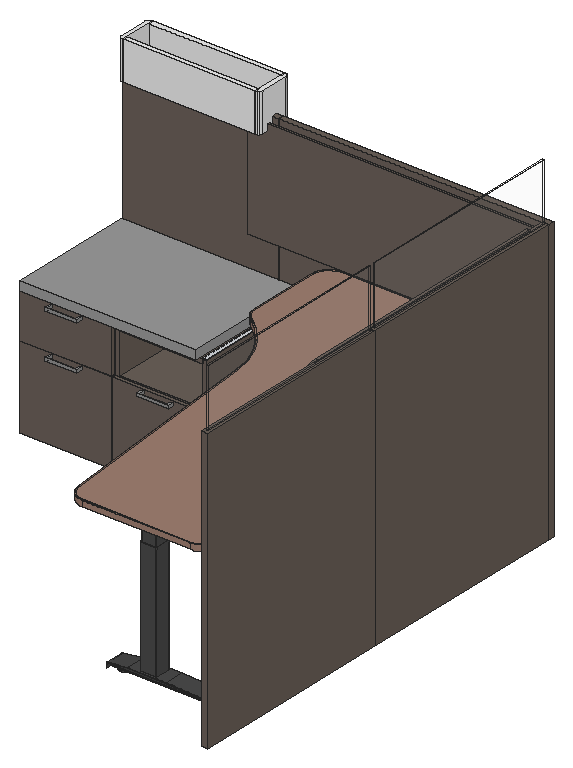
Revit family "OFS TYPICAL S200080", category Furniture, Revit 2022
Family settings
  OmniClass Number = 23.40.20.00
  OmniClass Title = General Furniture and Specialties
  Work Plane-Based = No
  Always vertical = Yes
  Cut with Voids When Loaded = No
  Render Appearance Source = Family Geometry
  Shared = No
  Room Calculation Point = No
Parameters (values of type "S200080")
  URL = "http://ofs.com/"
  Model = "S200080"
  Manufacturer = "OFS"
  Description = "OFS TYPICAL S200080"
  Default Elevation = 0' - 0"
  Copyright © = "©OFS 2025"
  Catalog = ""
  Authoring Version = "Autodesk Revit 2022"
  Assembly Code = "E2020200"
Reference planes (in)
  plane 1 "Center Front/Back": y = 0
  plane 2: z = 0
  plane 3 "Center Left/Right": x = 0
Dimensions and locks (in)
  aligned and locked: level to plane 2
Nested families (in)
  nested 1: "STAKS LOW OR BENCH HEIGHT CUSHIONS" at (-25.5643, -21.00035, 1.625), type "STAKS LOW OR BENCH HEIGHT CUSHION - SINGLE 30"
  nested 2: "OFS STAKS Planters - 6-PB12 6-PB18 6-PB24" at (-6.25, -0.45312, 5.875), type "Planter 24"
    with Finsih OFS Materials - Laminate - White Matte
  nested 3: "STAKS SPINE OR DIVIDER WALL 48in" at (-0.63776, 1.83365, 0), type "STAKS SPINE OR DIVIDER WALL 48in X 46in"
    with Height Above Floor 4' - 0", Width 3' - 10"
  nested 4: "STAKS SPINE OR DIVIDER WALL 48in" at (50.08357, -45.55498, 0) x (0, 1, 0) z (0, 0, 1), type "STAKS SPINE OR DIVIDER WALL 48in X 37in"
    with Height Above Floor 4' - 0"
  nested 5: "STAKS SPINE OR DIVIDER WALL 48in" at (-27.13776, 1.83365, 0), type "STAKS SPINE OR DIVIDER WALL 48in X 26.5"
    with Height Above Floor 4' - 0", Width 2' - 2 1/2"
  nested 6: "STAKS SPINE OR DIVIDER WALL 48in" at (50.08357, -81.05498, 0) x (0, 1, 0) z (0, 0, 1), type "STAKS SPINE OR DIVIDER WALL 48in X 35.5"
    with Height Above Floor 4' - 0", Width 2' - 11 1/2"
  nested 7: "STAKS DOUBLE SIDED FROSTED GLASS PRIVACY PANEL" at (55.18785, -39.25, 1.875) x (0, 1, 0) z (0, 0, 1), type "STAKS DOUBLE SIDED FROSTED GLASS PRIVACY PANEL 34.5 x 10"
    with Width 2' - 10 1/2"
  nested 8: "STAKS DOUBLE SIDED FROSTED GLASS PRIVACY PANEL" at (55.18785, -3, 1.875) x (0, 1, 0) z (0, 0, 1), type "STAKS DOUBLE SIDED FROSTED GLASS PRIVACY PANEL 36 x 10"
  nested 9: "STAKS FABRIC TACKBOARD FOR SPINE OR DIVIDER WALL" at (-5.13776, 0.33365, 5.75), type "STAKS FABRIC TACKBOARD FOR SPINE OR DIVIDER WALL 18H x 49-73.9375W"
    with Height Above Floor 3' - 5 1/2"
  nested 10: "STAKS LOW HEIGHT PEDESTAL - OPEN-FILE - NO RISER SUPPORT" at (-17.1898, -21.00035, 0), type "STAKS LOW HEIGHT PEDESTAL - OPEN-FILE - NO RISER SUPPORT 22in D"
  nested 11: "STAKS LOW HEIGHT PEDESTAL - BOX-FILE - NO RISER SUPPORT" at (-32.7518, -21.00035, 0), type "STAKS LOW HEIGHT PEDESTAL - BOX-FILE - NO RISER SUPPORT 22in D"
  nested 12: "OFS STAKS HEIGHT ADJUSTABLE WING TOP Left" at (36, -37, 0) x (0, -1, 0) z (0, 0, 1), type "HA Wing Top Left 70x36"
  nested 13: "STAKS CORNER SHELF FOR WALL PANEL" at (47.32103, -5.59619, -7.75) x (0.7071, -0.7071, 0) z (0, 0, 1), type "STAKS CORNER SHELF FOR WALL PANEL"
    with Height Above Floor 2' - 5"
  nested 14: "STAKS FABRIC TACKBOARD WITH ROUNDED CORNERS ONE END AND FLAT CORNERS ON OTHER END" at (53.75087, 3.80498, 6.5) x (0, -1, 0) z (0, 0, 1), type "STAKS FABRIC TACKBOARD WITH ROUNDED CORNERS ONE END AND FLAT CORNERS ON OTHER END 18H x 49-73.9375W"
    with Height Above Floor 3' - 5 1/2"
Definition of nested family "STAKS LOW OR BENCH HEIGHT CUSHIONS"
  Parameters (values of type "STAKS LOW OR BENCH HEIGHT CUSHION - DOUBLE 48")
    URL = "http://www.ofs.com/"
    Default Elevation = 0' - 0"
    Cushion Thickness = 0' - 1 1/2"
    Cushion Material = none
    Model = "6-4822SC"
    Manufacturer = "OFS"
    Height = 1' - 8 1/4"
    Description = "OFS STAKS LOW OR BENCH HEIGHT CUSHION - DOUBLE 48"
    Width = 4' - 0"
    Depth = 1' - 9 7/8"
    Copyright © = "© 2018 OFS"
    Catalog = "https://ofs.com/products/casegoods/private-office/staks"
    Authoring Version = "Autodesk Revit Architecture 2013"
    Assembly Code = "E2020200"
  Types (7): name | Model | Description | Width
    STAKS LOW OR BENCH HEIGHT CUSHION - SINGLE 24 | "6-2422SC" | "OFS STAKS LOW OR BENCH HEIGHT CUSHION - SINGLE 24" | 2' - 0"
    STAKS LOW OR BENCH HEIGHT CUSHION - SINGLE 30 | "6-3022SC" | "OFS STAKS LOW OR BENCH HEIGHT CUSHION - SINGLE 30" | 2' - 6"
    STAKS LOW OR BENCH HEIGHT CUSHION - SINGLE 36 | "6-3622SC" | "OFS STAKS LOW OR BENCH HEIGHT CUSHION - SINGLE 36" | 3' - 0"
    STAKS LOW OR BENCH HEIGHT CUSHION - DOUBLE 60 | "6-6022SC" | "OFS STAKS LOW OR BENCH HEIGHT CUSHION - DOUBLE 60" | 5' - 0"
    STAKS LOW OR BENCH HEIGHT CUSHION - DOUBLE 48 | "6-4822SC" | "OFS STAKS LOW OR BENCH HEIGHT CUSHION - DOUBLE 48" | 4' - 0"
    STAKS LOW OR BENCH HEIGHT CUSHION - DOUBLE 72 | "6-7222SC" | "OFS STAKS LOW OR BENCH HEIGHT CUSHION - DOUBLE 72" | 6' - 0"
    STAKS LOW OR BENCH HEIGHT CUSHION - TRIPLE 90 | "6-9022SC" | "OFS STAKS LOW OR BENCH HEIGHT CUSHION - TRIPLE 90" | 7' - 6"
  Reference planes (in)
    plane 1: z = 0
    plane 2 "Right": x = 20.97711
    plane 3: x = -3.02289
    plane 4: y = -1.12465
    plane 5: y = -1.87465
    plane 6: y = 20.00035
    plane 7: x = 44.97711
    plane 8: y = -2.68715
    plane 9: y = -2.87465
    plane 10: y = 19.25035
    plane 11: z = 20.25
    plane 12: z = 21.75
  Forms (in)
    Extrusion 1, solid, material <- "Cushion Material"
      sketch origin (-25.91712, 0.87535, -18.36336) x (1, 0, 0) y (0, 0, 1)
        loop
          line (22.89423, 38.61336) -> (70.89423, 38.61336) -> (70.89423, 40.11336) -> (22.89423, 40.11336) -> (22.89423, 38.61336)
      from -19.125 to 2.75
  Dimensions and locks (in)
    locked: plane 5 to plane 4 at 0.75
    "Width": plane 3 to plane 7
    equal spacing: plane 3, plane 2 "Right", plane 7
    plane 9 to plane 8 to plane 5 = 0' - 0 3/16" locked, 0' - 0 13/16" locked
    locked: plane 10 to plane 6 at 0.75
    "Depth": plane 5 to plane 6
    "Cushion Thickness": plane 12 to plane 11
    "Height": plane 11 to level
    aligned and locked: level to plane 1
    aligned and locked: Extrusion 1 to plane 11
    aligned and locked: plane 12 to Extrusion 1
    aligned and locked: Extrusion 1 to plane 6
    aligned and locked: Extrusion 1 to plane 3
    aligned and locked: plane 7 to Extrusion 1
    aligned and locked: plane 5 to Extrusion 1
  Automatic sketch dimensions
    Extrusion 1 sketch curve to plane 3 = 0' - 0"
    Extrusion 1 sketch curve to plane 7 = 0' - 0"
    Extrusion 1 sketch curve to plane 11 = 0' - 0"
    Extrusion 1 sketch curve to plane 12 = 0' - 0"
Definition of nested family "OFS STAKS Planters - 6-PB12 6-PB18 6-PB24"
  Parameters (values of type "Planter 18")
    Width = 1' - 6"
    URL = "OFS STAKS Planter 18\""
    Model = "6-PB18"
    Manufacturer = "OFS"
    Finsih [instance] = none
    Description = "OFS STAKS Planter 18\""
    Default Elevation = 0' - 0"
    Copyright © = "©OFS 2025"
    Catalog = "https://catalog.ofs.com/ofs/page/staks-private-office--workstation-panels-and-panel-accessories-panel-accessories-panel-accessories"
    Authoring Version = "Autodesk Revit 2022"
    Assembly Code = "E2020200"
  Types (4): name | Width | URL | Model | Description
    (no name) | 1' - 6" | "OFS STAKS Planter 18\"" | "6-PB18" | "OFS STAKS Planter 18\""
    Planter 12 | 1' - 0" | "http://ofs.com/" | "6-PB12" | "OFS STAKS Planter 12\""
    Planter 18 | 1' - 6" | "OFS STAKS Planter 18\"" | "6-PB18" | "OFS STAKS Planter 18\""
    Planter 24 | 2' - 0" | "http://ofs.com/" | "6-PB24" | "OFS STAKS Planter 24\""
  Reference planes (in)
    plane 1 "Center Front/Back": y = 0
    plane 2: z = 0
    plane 3 "Center Left/Right": x = 0
    plane 4: x = 9
    plane 5: z = 46.625
    plane 6: z = 40.125
    plane 7: x = -9
    plane 8: y = -2.39062
    plane 9: y = -3.14062
    plane 10: y = 2.39062
    plane 11: y = 3.14062
    plane 12: x = 8.25
    plane 13: x = -8.25
  Forms (in)
    Extrusion 1, solid, material <- "Finsih"
      sketch origin (0, 0, 0) x (1, 0, 0) y (0, 1, 0)
        loop
          line (-8.25, 3.14062) -> (-8.25, 2.39062) -> (8.25, 2.39062) -> (8.25, 3.14062) -> (-8.25, 3.14062)
        loop
          line (-8.25, -3.14062) -> (8.25, -3.14062) -> (8.25, -2.39062) -> (-8.25, -2.39062) -> (-8.25, -3.14062)
      from 40.125 to 46.625
    Extrusion 2, solid, material <- "Finsih"
      sketch origin (0, 0, 0) x (1, 0, 0) y (0, 1, 0)
        loop
          arc (-8.625, 3.14062) -> (-8.6552, 3.05002) -> (-8.71718, 2.97735) r 0.25
          arc (-8.71718, 2.97735) -> (-8.9256, 2.71629) -> (-9, 2.39062) r 0.75
          line (-9, 2.39062) -> (-9, -2.39063)
          arc (-9, -2.39063) -> (-8.9256, -2.71629) -> (-8.71718, -2.97735) r 0.75
          arc (-8.71718, -2.97735) -> (-8.6552, -3.05002) -> (-8.625, -3.14062) r 0.25
          line (-8.625, -3.14062) -> (-8.25, -3.14062) -> (-8.25, 3.14062) -> (-8.625, 3.14062)
        loop
          line (8.625, 3.14062) -> (8.25, 3.14062) -> (8.25, -3.14062) -> (8.625, -3.14062)
          arc (8.625, -3.14062) -> (8.6552, -3.05002) -> (8.71718, -2.97735) r 0.25
          arc (8.71718, -2.97735) -> (8.9256, -2.71629) -> (9, -2.39063) r 0.75
          line (9, -2.39063) -> (9, 2.39062)
          arc (9, 2.39062) -> (8.9256, 2.71629) -> (8.71718, 2.97735) r 0.75
          arc (8.71718, 2.97735) -> (8.6552, 3.05002) -> (8.625, 3.14062) r 0.25
      from 40.125 to 46.625
    Extrusion 3, solid, material <- "Finsih"
      sketch origin (0, 0, 0) x (0, 1, 0) y (0, 0, 1)
        loop
          line (1.14063, 40.75) -> (2.39063, 40.75) -> (2.39063, 42.75) -> (-2.39063, 42.75) -> (-2.39063, 40.75) -> (-1.14063, 40.75) -> (-1.14063, 42) -> (1.14063, 42) -> (1.14063, 40.75)
      from -8.25 to 8.25
    Extrusion 4, void
      sketch origin (0, 0, 0) x (0, 1, 0) y (0, 0, 1)
        loop
          line (0.54688, 40.125) -> (0.54688, 41.87678)
          arc (0.54688, 41.87678) -> (0.51078, 41.96391) -> (0.42365, 42) r 0.12322
          line (0.42365, 42) -> (-0.42365, 42)
          arc (-0.42365, 42) -> (-0.51078, 41.96391) -> (-0.54688, 41.87678) r 0.12322
          line (-0.54688, 41.87678) -> (-0.54687, 40.125) -> (0.54688, 40.125)
      from -15.72701 to 16.85903
  Cuts and joins
    Extrusion 4 cuts Extrusion 2
  Dimensions and locks (in)
    locked: plane 5 to plane 6 at 6.5
    plane 6 to level = 3' - 4 1/8"
    equal spacing: plane 7, plane 3 "Center Left/Right", plane 4
    "Width": plane 7 to plane 4
    locked: plane 8 to plane 9 at 0.75
    locked: plane 10 to plane 11 at 0.75
    locked: plane 9 to plane 11 at 6.28125
    locked: plane 7 to plane 13 at 0.75
    locked: plane 12 to plane 4 at 0.75
    aligned and locked: level to plane 2
    aligned and locked: plane 13 to Extrusion 1 sketch curve
    aligned and locked: Extrusion 1 sketch curve to plane 12
    aligned and locked: Extrusion 1 sketch curve to plane 10
    aligned and locked: plane 11 to Extrusion 1 sketch curve
    aligned and locked: plane 8 to Extrusion 1 sketch curve
    aligned and locked: plane 12 to Extrusion 1 sketch curve
    aligned and locked: Extrusion 1 sketch curve to plane 9
    aligned and locked: Extrusion 1 sketch curve to plane 13
    aligned and locked: plane 7 to Extrusion 2 sketch curve
    aligned and locked: Extrusion 2 sketch curve to plane 13
    aligned and locked: plane 11 to Extrusion 2 sketch curve
    aligned and locked: plane 9 to Extrusion 2 sketch curve
    aligned and locked: Extrusion 2 sketch curve to plane 12
    aligned and locked: Extrusion 2 sketch curve to plane 9
    aligned and locked: Extrusion 2 sketch curve to plane 11
    aligned and locked: Extrusion 2 sketch curve to plane 4
    aligned and locked: plane 5 to Extrusion 1
    aligned and locked: Extrusion 1 to plane 6
    aligned and locked: plane 5 to Extrusion 2
    aligned and locked: Extrusion 2 to plane 6
    aligned and locked: Extrusion 3 sketch curve to plane 8
    aligned and locked: Extrusion 3 to plane 13
    aligned and locked: plane 12 to Extrusion 3
    aligned and locked: plane 6 to Extrusion 4 sketch curve
  Automatic sketch dimensions
    plane 10 to Extrusion 2 sketch curve = 0' - 0"  (x2)
    Extrusion 2 sketch curve to plane 13 = 0' - 0"  (x2)
    Extrusion 2 sketch curve to plane 8 = 0' - 0"  (x2)
    Extrusion 2 sketch curve to plane 12 = 0' - 0"  (x2)
    Extrusion 2 sketch curve to plane 11 = 0' - 0.0323"  (x2)
    plane 7 to Extrusion 2 sketch curve = 0' - 0.1271"  (x2)
    Extrusion 2 sketch curve to plane 9 = 0' - 0.0323"  (x2)
    Extrusion 2 sketch curve to Extrusion 2 sketch curve = 0' - 0.09218"  (x2)
    plane 4 to Extrusion 2 sketch curve = 0' - 0 3/8"
    Extrusion 2 sketch curve to Extrusion 2 sketch curve = 0' - 0 3/8"
    plane 4 to Extrusion 2 sketch curve = 0' - 0.1271"  (x2)
    Extrusion 3 sketch curve to plane 10 = 0' - 0"
    plane 1 "Center Front/Back" to Extrusion 3 sketch curve = 0' - 1 9/64"
    Extrusion 3 sketch curve to plane 1 "Center Front/Back" = 0' - 1 9/64"
    plane 6 to Extrusion 3 sketch curve = 0' - 0 5/8"  (x2)
    Extrusion 3 sketch curve to Extrusion 3 sketch curve = 0' - 1 1/4"
    Extrusion 3 sketch curve to Extrusion 3 sketch curve = 0' - 0 3/4"
    plane 1 "Center Front/Back" to Extrusion 4 sketch curve = 0' - 0 35/64"
    Extrusion 4 sketch curve to Extrusion 4 sketch curve = 0' - 0.12322"  (x2)
    Extrusion 4 sketch curve to plane 1 "Center Front/Back" = 0' - 0.42365"
    plane 6 to Extrusion 4 sketch curve = 0' - 1.75178"
Definition of nested family "STAKS SPINE OR DIVIDER WALL 48in"
  Parameters (values of type "STAKS SPINE OR DIVIDER WALL 48in X 24in")
    URL = "http://www.ofs.com/"
    Height Above Floor [instance] = 4' - 0"
    Height = 4' - 0"
    Depth = 0' - 1"
    Model = "6-PAN-48/24"
    Manufacturer = "OFS"
    Description = "OFS STAKS SPINE OR DIVIDER WALL 48\" Height x 24\" Width, Levelers allow 2.5\" Height Adjustability for Uneven Floor"
    Width = 2' - 0"
    Default Elevation = 0' - 0"
    Copyright © = "© 2018 OFS"
    Catalog = "https://ofs.com/products/casegoods/private-office/staks"
    Authoring Version = "Autodesk Revit Architecture 2013"
    Assembly Code = "E2020200"
  Types (19): name | Model | Description | Width
    STAKS SPINE OR DIVIDER WALL 48in X 24in | "6-PAN-48/24" | "OFS STAKS SPINE OR DIVIDER WALL 48\" Height x 24\" Width, Levelers allow 2.5\" Height Adjustability for Uneven Floor" | 2' - 0"
    STAKS SPINE OR DIVIDER WALL 48in X 33in | "6-PAN-48/33" | "OFS STAKS SPINE OR DIVIDER WALL 48\" Height x 33\" Width, Levelers allow 2.5\" Height Adjustability for Uneven Floor" | 2' - 9"
    STAKS SPINE OR DIVIDER WALL 48in X 26in | "6-PAN-48/26" | "OFS STAKS SPINE OR DIVIDER WALL 48\" Height x 26\" Width, Levelers allow 2.5\" Height Adjustability for Uneven Floor" | 2' - 2"
    STAKS SPINE OR DIVIDER WALL 48in X 30in | "6-PAN-48/30" | "OFS STAKS SPINE OR DIVIDER WALL 48\" Height x 30\" Width, Levelers allow 2.5\" Height Adjustability for Uneven Floor" | 2' - 6"
    STAKS SPINE OR DIVIDER WALL 48in X 36in | "6-PAN-48/36" | "OFS STAKS SPINE OR DIVIDER WALL 48\" Height x 36\" Width, Levelers allow 2.5\" Height Adjustability for Uneven Floor" | 3' - 0"
    STAKS SPINE OR DIVIDER WALL 48in X 37in | "6-PAN-48/37" | "OFS STAKS SPINE OR DIVIDER WALL 48\" Height x 37\" Width, Levelers allow 2.5\" Height Adjustability for Uneven Floor" | 3' - 1"
    STAKS SPINE OR DIVIDER WALL 48in X 39in | "6-PAN-48/39" | "OFS STAKS SPINE OR DIVIDER WALL 48\" Height x 39\" Width, Levelers allow 2.5\" Height Adjustability for Uneven Floor" | 3' - 3"
    STAKS SPINE OR DIVIDER WALL 48in X 40in | "6-PAN-48/40" | "OFS STAKS SPINE OR DIVIDER WALL 48\" Height x 40\" Width, Levelers allow 2.5\" Height Adjustability for Uneven Floor" | 3' - 4"
    STAKS SPINE OR DIVIDER WALL 48in X 42in | "6-PAN-48/42" | "OFS STAKS SPINE OR DIVIDER WALL 48\" Height x 42\" Width, Levelers allow 2.5\" Height Adjustability for Uneven Floor" | 3' - 6"
    STAKS SPINE OR DIVIDER WALL 48in X 44in | "6-PAN-48/44" | "OFS STAKS SPINE OR DIVIDER WALL 48\" Height x 44\" Width, Levelers allow 2.5\" Height Adjustability for Uneven Floor" | 3' - 8"
    STAKS SPINE OR DIVIDER WALL 48in X 45in | "6-PAN-48/45" | "OFS STAKS SPINE OR DIVIDER WALL 48\" Height x 45\" Width, Levelers allow 2.5\" Height Adjustability for Uneven Floor" | 3' - 9"
    STAKS SPINE OR DIVIDER WALL 48in X 47in | "6-PAN-48/47" | "OFS STAKS SPINE OR DIVIDER WALL 48\" Height x 47\" Width, Levelers allow 2.5\" Height Adjustability for Uneven Floor" | 3' - 11"
    STAKS SPINE OR DIVIDER WALL 48in X 48in | "6-PAN-48/48" | "OFS STAKS SPINE OR DIVIDER WALL 48\" Height x 48\" Width, Levelers allow 2.5\" Height Adjustability for Uneven Floor" | 4' - 0"
    STAKS SPINE OR DIVIDER WALL 48in X 49in | "6-PAN-48/49" | "OFS STAKS SPINE OR DIVIDER WALL 48\" Height x 49\" Width, Levelers allow 2.5\" Height Adjustability for Uneven Floor" | 4' - 1"
    STAKS SPINE OR DIVIDER WALL 48in X 52in | "6-PAN-48/52" | "OFS STAKS SPINE OR DIVIDER WALL 48\" Height x 52\" Width, Levelers allow 2.5\" Height Adjustability for Uneven Floor" | 4' - 4"
    STAKS SPINE OR DIVIDER WALL 48in X 54in | "6-PAN-48/54" | "OFS STAKS SPINE OR DIVIDER WALL 48\" Height x 54\" Width, Levelers allow 2.5\" Height Adjustability for Uneven Floor" | 4' - 6"
    STAKS SPINE OR DIVIDER WALL 48in X 56in | "6-PAN-48/56" | "OFS STAKS SPINE OR DIVIDER WALL 48\" Height x 56\" Width, Levelers allow 2.5\" Height Adjustability for Uneven Floor" | 4' - 8"
    STAKS SPINE OR DIVIDER WALL 48in X 58in | "6-PAN-48/58" | "OFS STAKS SPINE OR DIVIDER WALL 48\" Height x 58\" Width, Levelers allow 2.5\" Height Adjustability for Uneven Floor" | 4' - 10"
    STAKS SPINE OR DIVIDER WALL 48in X 59in | "6-PAN-48/59" | "OFS STAKS SPINE OR DIVIDER WALL 48\" Height x 59\" Width, Levelers allow 2.5\" Height Adjustability for Uneven Floor" | 4' - 11"
  Reference planes (in)
    plane 1: z = -0.125
    plane 2 "LEFT": x = 7.55498
    plane 3 "RIGHT": x = 31.55498
    plane 4 "BACK": y = -1.83365
    plane 5 "FRONT": y = -2.83365
    plane 6: x = 7.67998
    plane 7: x = 31.42998
    plane 8: y = -1.95865
    plane 9: y = -2.70865
    plane 10: z = -0.125
    plane 11 "SURFACE TOP": z = 47.875
  Forms (in)
    Extrusion 1, solid
      sketch origin (0, 0, 17.125) x (-1, 0, 0) y (0, -1, 0)
        loop
          line (-7.55498, 1.83365) -> (-7.55498, 2.83365) -> (-31.55498, 2.83365) -> (-31.55498, 1.83365) -> (-7.55498, 1.83365)
      from 30.75 to -17.25
  Lines and regions (in)
    symbolic lines
      curve 1: line (7.55498, -1.83365, 47.875) -> (31.55498, -1.83365, 47.875)
      curve 2: line (7.55498, -2.83365, 47.875) -> (7.55498, -1.83365, 47.875)
      curve 3: line (31.55498, -2.83365, 47.875) -> (7.55498, -2.83365, 47.875)
      curve 4: line (31.55498, -1.83365, 47.875) -> (31.55498, -2.83365, 47.875)
  Dimensions and locks (in)
    "Depth": plane 4 "BACK" to plane 5 "FRONT"
    "Width": plane 2 "LEFT" to plane 3 "RIGHT"
    "Height": plane 11 "SURFACE TOP" to plane 10
    locked: plane 4 "BACK" to plane 8 at 0.125
    locked: plane 2 "LEFT" to plane 6 at 0.125
    locked: plane 7 to plane 3 "RIGHT" at 0.125
    locked: plane 9 to plane 5 "FRONT" at 0.125
    "Height Above Floor": plane 11 "SURFACE TOP" to level
    aligned: level to plane 1
    aligned and locked: plane 11 "SURFACE TOP" to Extrusion 1
    aligned and locked: Extrusion 1 to plane 10
    aligned and locked: plane 4 "BACK" to Extrusion 1 sketch curve
    aligned and locked: Extrusion 1 sketch curve to plane 2 "LEFT"
    aligned and locked: Extrusion 1 sketch curve to plane 5 "FRONT"
    aligned and locked: plane 3 "RIGHT" to Extrusion 1 sketch curve
    aligned and locked: curve 1 to Extrusion 1
    aligned and locked: curve 2 to Extrusion 1
    aligned and locked: curve 3 to Extrusion 1
    aligned and locked: curve 4 to Extrusion 1
Definition of nested family "STAKS DOUBLE SIDED FROSTED GLASS PRIVACY PANEL"
  Parameters (values of type "STAKS DOUBLE SIDED FROSTED GLASS PRIVACY PANEL 23 x 10")
    Width = 1' - 11"
    URL = "http://www.ofs.com/"
    Model = "6-PVPG-23/10"
    Manufacturer = "OFS"
    Height From Floor = 4' - 8"
    Height = 0' - 10"
    Description = "OFS STAKS DOUBLE SIDED FROSTED GLASS PRIVACY PANEL 23 x 10, Recessed 1.5\" Inside Wall Panel"
    Depth = 0' - 0 1/4"
    Default Elevation = 0' - 0"
    Copyright © = "© 2018 OFS"
    Catalog = "https://ofs.com/products/casegoods/private-office/staks"
    Shelf Material = none
    Authoring Version = "Autodesk Revit Architecture 2013"
    Assembly Code = "E2020200"
  Types (38): name | Width | Model | Height From Floor | Height | Description
    STAKS DOUBLE SIDED FROSTED GLASS PRIVACY PANEL 23 x 10 | 1' - 11" | "6-PVPG-23/10" | 4' - 8" | 0' - 10" | "OFS STAKS DOUBLE SIDED FROSTED GLASS PRIVACY PANEL 23 x 10, Recessed 1.5\" Inside Wall Panel"
    STAKS DOUBLE SIDED FROSTED GLASS PRIVACY PANEL 25 x 10 | 2' - 1" | "6-PVPG-25/10" | 4' - 8" | 0' - 10" | "OFS STAKS DOUBLE SIDED FROSTED GLASS PRIVACY PANEL 25 x 10, Recessed 1.5\" Inside Wall Panel"
    STAKS DOUBLE SIDED FROSTED GLASS PRIVACY PANEL 29 x 10 | 2' - 5" | "6-PVPG-29/10" | 4' - 8" | 0' - 10" | "OFS STAKS DOUBLE SIDED FROSTED GLASS PRIVACY PANEL 29 x 10, Recessed 1.5\" Inside Wall Panel"
    STAKS DOUBLE SIDED FROSTED GLASS PRIVACY PANEL 32 x 10 | 2' - 8" | "6-PVPG-32/10" | 4' - 8" | 0' - 10" | "OFS STAKS DOUBLE SIDED FROSTED GLASS PRIVACY PANEL 32 x 10, Recessed 1.5\" Inside Wall Panel"
    STAKS DOUBLE SIDED FROSTED GLASS PRIVACY PANEL 35 x 10 | 2' - 11" | "6-PVPG-35/10" | 4' - 8" | 0' - 10" | "OFS STAKS DOUBLE SIDED FROSTED GLASS PRIVACY PANEL 35 x 10, Recessed 1.5\" Inside Wall Panel"
    STAKS DOUBLE SIDED FROSTED GLASS PRIVACY PANEL 36 x 10 | 3' - 0" | "6-PVPG-36/10" | 4' - 8" | 0' - 10" | "OFS STAKS DOUBLE SIDED FROSTED GLASS PRIVACY PANEL 36 x 10, Recessed 1.5\" Inside Wall Panel"
    STAKS DOUBLE SIDED FROSTED GLASS PRIVACY PANEL 38 x 10 | 3' - 2" | "6-PVPG-38/10" | 4' - 8" | 0' - 10" | "OFS STAKS DOUBLE SIDED FROSTED GLASS PRIVACY PANEL 38 x 10, Recessed 1.5\" Inside Wall Panel"
    STAKS DOUBLE SIDED FROSTED GLASS PRIVACY PANEL 39 x 10 | 3' - 3" | "6-PVPG-39/10" | 4' - 8" | 0' - 10" | "OFS STAKS DOUBLE SIDED FROSTED GLASS PRIVACY PANEL 39 x 10, Recessed 1.5\" Inside Wall Panel"
    STAKS DOUBLE SIDED FROSTED GLASS PRIVACY PANEL 41 x 10 | 3' - 5" | "6-PVPG-41/10" | 4' - 8" | 0' - 10" | "OFS STAKS DOUBLE SIDED FROSTED GLASS PRIVACY PANEL 41 x 10, Recessed 1.5\" Inside Wall Panel"
    STAKS DOUBLE SIDED FROSTED GLASS PRIVACY PANEL 43 x 10 | 3' - 7" | "6-PVPG-43/10" | 4' - 8" | 0' - 10" | "OFS STAKS DOUBLE SIDED FROSTED GLASS PRIVACY PANEL 43 x 10, Recessed 1.5\" Inside Wall Panel"
    STAKS DOUBLE SIDED FROSTED GLASS PRIVACY PANEL 44 x 10 | 3' - 8" | "6-PVPG-44/10" | 4' - 8" | 0' - 10" | "OFS STAKS DOUBLE SIDED FROSTED GLASS PRIVACY PANEL 44 x 10, Recessed 1.5\" Inside Wall Panel"
    STAKS DOUBLE SIDED FROSTED GLASS PRIVACY PANEL 46 x 10 | 3' - 10" | "6-PVPG-46/10" | 4' - 8" | 0' - 10" | "OFS STAKS DOUBLE SIDED FROSTED GLASS PRIVACY PANEL 46 x 10, Recessed 1.5\" Inside Wall Panel"
    STAKS DOUBLE SIDED FROSTED GLASS PRIVACY PANEL 47 x 10 | 3' - 11" | "6-PVPG-47/10" | 4' - 8" | 0' - 10" | "OFS STAKS DOUBLE SIDED FROSTED GLASS PRIVACY PANEL 47 x 10, Recessed 1.5\" Inside Wall Panel"
    STAKS DOUBLE SIDED FROSTED GLASS PRIVACY PANEL 48 x 10 | 4' - 0" | "6-PVPG-48/10" | 4' - 8" | 0' - 10" | "OFS STAKS DOUBLE SIDED FROSTED GLASS PRIVACY PANEL 48 x 10, Recessed 1.5\" Inside Wall Panel"
    STAKS DOUBLE SIDED FROSTED GLASS PRIVACY PANEL 51 x 10 | 4' - 3" | "6-PVPG-51/10" | 4' - 8" | 0' - 10" | "OFS STAKS DOUBLE SIDED FROSTED GLASS PRIVACY PANEL 51 x 10, Recessed 1.5\" Inside Wall Panel"
    STAKS DOUBLE SIDED FROSTED GLASS PRIVACY PANEL 53 x 10 | 4' - 5" | "6-PVPG-53/10" | 4' - 8" | 0' - 10" | "OFS STAKS DOUBLE SIDED FROSTED GLASS PRIVACY PANEL 53 x 10, Recessed 1.5\" Inside Wall Panel"
    STAKS DOUBLE SIDED FROSTED GLASS PRIVACY PANEL 55 x 10 | 4' - 7" | "6-PVPG-55/10" | 4' - 8" | 0' - 10" | "OFS STAKS DOUBLE SIDED FROSTED GLASS PRIVACY PANEL 55 x 10, Recessed 1.5\" Inside Wall Panel"
    STAKS DOUBLE SIDED FROSTED GLASS PRIVACY PANEL 57 x 10 | 4' - 9" | "6-PVPG-57/10" | 4' - 8" | 0' - 10" | "OFS STAKS DOUBLE SIDED FROSTED GLASS PRIVACY PANEL 57 x 10, Recessed 1.5\" Inside Wall Panel"
    STAKS DOUBLE SIDED FROSTED GLASS PRIVACY PANEL 58 x 10 | 4' - 10" | "6-PVPG-58/10" | 4' - 8" | 0' - 10" | "OFS STAKS DOUBLE SIDED FROSTED GLASS PRIVACY PANEL 58 x 10, Recessed 1.5\" Inside Wall Panel"
    STAKS DOUBLE SIDED FROSTED GLASS PRIVACY PANEL 23 x 13 | 1' - 11" | "6-PVPG-23/13" | 4' - 11" | 1' - 1" | "OFS STAKS DOUBLE SIDED FROSTED GLASS PRIVACY PANEL 23 x 13, Recessed 1.5\" Inside Wall Panel"
    STAKS DOUBLE SIDED FROSTED GLASS PRIVACY PANEL 25 x 13 | 2' - 1" | "6-PVPG-25/13" | 4' - 11" | 1' - 1" | "OFS STAKS DOUBLE SIDED FROSTED GLASS PRIVACY PANEL 25 x 13, Recessed 1.5\" Inside Wall Panel"
    STAKS DOUBLE SIDED FROSTED GLASS PRIVACY PANEL 29 x 13 | 2' - 5" | "6-PVPG-29/13" | 4' - 11" | 1' - 1" | "OFS STAKS DOUBLE SIDED FROSTED GLASS PRIVACY PANEL 29 x 13, Recessed 1.5\" Inside Wall Panel"
    STAKS DOUBLE SIDED FROSTED GLASS PRIVACY PANEL 32 x 13 | 2' - 8" | "6-PVPG-32/13" | 4' - 11" | 1' - 1" | "OFS STAKS DOUBLE SIDED FROSTED GLASS PRIVACY PANEL 32 x 13, Recessed 1.5\" Inside Wall Panel"
    STAKS DOUBLE SIDED FROSTED GLASS PRIVACY PANEL 35 x 13 | 2' - 11" | "6-PVPG-35/13" | 4' - 11" | 1' - 1" | "OFS STAKS DOUBLE SIDED FROSTED GLASS PRIVACY PANEL 35 x 13, Recessed 1.5\" Inside Wall Panel"
    STAKS DOUBLE SIDED FROSTED GLASS PRIVACY PANEL 36 x 13 | 3' - 0" | "6-PVPG-36/13" | 4' - 11" | 1' - 1" | "OFS STAKS DOUBLE SIDED FROSTED GLASS PRIVACY PANEL 36 x 13, Recessed 1.5\" Inside Wall Panel"
    STAKS DOUBLE SIDED FROSTED GLASS PRIVACY PANEL 38 x 13 | 3' - 2" | "6-PVPG-38/13" | 4' - 11" | 1' - 1" | "OFS STAKS DOUBLE SIDED FROSTED GLASS PRIVACY PANEL 38 x 13, Recessed 1.5\" Inside Wall Panel"
    STAKS DOUBLE SIDED FROSTED GLASS PRIVACY PANEL 39 x 13 | 3' - 3" | "6-PVPG-39/13" | 4' - 11" | 1' - 1" | "OFS STAKS DOUBLE SIDED FROSTED GLASS PRIVACY PANEL 39 x 13, Recessed 1.5\" Inside Wall Panel"
    STAKS DOUBLE SIDED FROSTED GLASS PRIVACY PANEL 41 x 13 | 3' - 5" | "6-PVPG-41/13" | 4' - 11" | 1' - 1" | "OFS STAKS DOUBLE SIDED FROSTED GLASS PRIVACY PANEL 41 x 13, Recessed 1.5\" Inside Wall Panel"
    STAKS DOUBLE SIDED FROSTED GLASS PRIVACY PANEL 43 x 13 | 3' - 7" | "6-PVPG-43/13" | 4' - 11" | 1' - 1" | "OFS STAKS DOUBLE SIDED FROSTED GLASS PRIVACY PANEL 43 x 13, Recessed 1.5\" Inside Wall Panel"
    STAKS DOUBLE SIDED FROSTED GLASS PRIVACY PANEL 44 x 13 | 3' - 8" | "6-PVPG-44/13" | 4' - 11" | 1' - 1" | "OFS STAKS DOUBLE SIDED FROSTED GLASS PRIVACY PANEL 44 x 13, Recessed 1.5\" Inside Wall Panel"
    STAKS DOUBLE SIDED FROSTED GLASS PRIVACY PANEL 46 x 13 | 3' - 10" | "6-PVPG-46/13" | 4' - 11" | 1' - 1" | "OFS STAKS DOUBLE SIDED FROSTED GLASS PRIVACY PANEL 46 x 13, Recessed 1.5\" Inside Wall Panel"
    STAKS DOUBLE SIDED FROSTED GLASS PRIVACY PANEL 47 x 13 | 3' - 11" | "6-PVPG-47/13" | 4' - 11" | 1' - 1" | "OFS STAKS DOUBLE SIDED FROSTED GLASS PRIVACY PANEL 47 x 13, Recessed 1.5\" Inside Wall Panel"
    STAKS DOUBLE SIDED FROSTED GLASS PRIVACY PANEL 48 x 13 | 4' - 0" | "6-PVPG-48/13" | 4' - 11" | 1' - 1" | "OFS STAKS DOUBLE SIDED FROSTED GLASS PRIVACY PANEL 48 x 13, Recessed 1.5\" Inside Wall Panel"
    STAKS DOUBLE SIDED FROSTED GLASS PRIVACY PANEL 51 x 13 | 4' - 3" | "6-PVPG-51/13" | 4' - 11" | 1' - 1" | "OFS STAKS DOUBLE SIDED FROSTED GLASS PRIVACY PANEL 51 x 13, Recessed 1.5\" Inside Wall Panel"
    STAKS DOUBLE SIDED FROSTED GLASS PRIVACY PANEL 53 x 13 | 4' - 5" | "6-PVPG-53/13" | 4' - 11" | 1' - 1" | "OFS STAKS DOUBLE SIDED FROSTED GLASS PRIVACY PANEL 53 x 13, Recessed 1.5\" Inside Wall Panel"
    STAKS DOUBLE SIDED FROSTED GLASS PRIVACY PANEL 55 x 13 | 4' - 7" | "6-PVPG-55/13" | 4' - 11" | 1' - 1" | "OFS STAKS DOUBLE SIDED FROSTED GLASS PRIVACY PANEL 55 x 13, Recessed 1.5\" Inside Wall Panel"
    STAKS DOUBLE SIDED FROSTED GLASS PRIVACY PANEL 57 x 13 | 4' - 9" | "6-PVPG-57/13" | 4' - 11" | 1' - 1" | "OFS STAKS DOUBLE SIDED FROSTED GLASS PRIVACY PANEL 57 x 13, Recessed 1.5\" Inside Wall Panel"
    STAKS DOUBLE SIDED FROSTED GLASS PRIVACY PANEL 58 x 13 | 4' - 10" | "6-PVPG-58/13" | 4' - 11" | 1' - 1" | "OFS STAKS DOUBLE SIDED FROSTED GLASS PRIVACY PANEL 58 x 13, Recessed 1.5\" Inside Wall Panel"
  Reference planes (in)
    plane 1: z = 0
    plane 2 "Center (Front/Back)": y = 2.75035
    plane 3 "LEFT": x = -28
    plane 4 "BASE TOP": z = 56
    plane 5 "RIGHT": x = -5
    plane 6: z = 46
    plane 7: y = 2.87535
    plane 8 "CENTER": x = -16.5
    plane 9: y = 2.62535
  Forms (in)
    Extrusion 1, solid, material <- "Shelf Material"
      sketch origin (0, 2.75035, 0) x (1, 0, 0) y (0, 0, 1)
        loop
          line (-28, 56) -> (-28, 46) -> (-5, 46) -> (-5, 56) -> (-28, 56)
      from -0.125 to 0.125
  Dimensions and locks (in)
    "Height From Floor": plane 4 "BASE TOP" to plane 1
    "Height": plane 4 "BASE TOP" to plane 6
    equal spacing: plane 3 "LEFT", plane 8 "CENTER", plane 5 "RIGHT"
    equal spacing: plane 9, plane 2 "Center (Front/Back)", plane 7
    "Width": plane 3 "LEFT" to plane 5 "RIGHT"
    "Depth": plane 9 to plane 7
    aligned and locked: level to plane 1
    aligned and locked: Extrusion 1 sketch curve to plane 4 "BASE TOP"
    aligned and locked: plane 3 "LEFT" to Extrusion 1 sketch curve
    aligned and locked: Extrusion 1 sketch curve to plane 6
    aligned and locked: Extrusion 1 sketch curve to plane 5 "RIGHT"
    aligned and locked: Extrusion 1 to plane 7
    aligned and locked: plane 9 to Extrusion 1
Definition of nested family "STAKS FABRIC TACKBOARD FOR SPINE OR DIVIDER WALL"
  Parameters (values of type "STAKS FABRIC TACKBOARD FOR SPINE OR DIVIDER WALL 12H x 27-48.9375W")
    URL = "http://www.ofs.com/"
    Height Above Floor [instance] = 3' - 5 1/2"
    Height = 1' - 0"
    Depth = 0' - 0 1/2"
    Model = "FT30A"
    Manufacturer = "OFS"
    Description = "OFS STAKS FABRIC TACKBOARD FOR SPINE OR DIVIDER WALL 12\" Height X 27\" - 48.9375\" Width, Any Width in 1/8\" Increments available within Ranges Shown"
    Width = 2' - 3"
    Default Elevation = 0' - 0"
    Copyright © = "© 2018 OFS"
    Catalog = "https://ofs.com/products/casegoods/private-office/staks"
    Authoring Version = "Autodesk Revit Architecture 2013"
    Assembly Code = "E2020200"
  Types (6): name | Height Above Floor | Height | Model | Description | Width
    STAKS FABRIC TACKBOARD FOR SPINE OR DIVIDER WALL 12H x 27-48.9375W | 3' - 5 1/2" | 1' - 0" | "FT30A" | "OFS STAKS FABRIC TACKBOARD FOR SPINE OR DIVIDER WALL 12\" Height X 27\" - 48.9375\" Width, Any Width in 1/8\" Increments available within Ranges Shown" | 2' - 3"
    STAKS FABRIC TACKBOARD FOR SPINE OR DIVIDER WALL 12H x 74-96W | 3' - 5 1/2" | 1' - 0" | "FT30C" | "OFS STAKS FABRIC TACKBOARD FOR SPINE OR DIVIDER WALL 12\" Height X 74\" - 96\" Width, Any Width in 1/8\" Increments available within Ranges Shown" | 6' - 2"
    STAKS FABRIC TACKBOARD FOR SPINE OR DIVIDER WALL 12H x 49-73.9375W | 3' - 5 1/2" | 1' - 0" | "FT30B" | "OFS STAKS FABRIC TACKBOARD FOR SPINE OR DIVIDER WALL 12\" Height X 49\" - 73.9375\" Width, Any Width in 1/8\" Increments available within Ranges Shown" | 4' - 1"
    STAKS FABRIC TACKBOARD FOR SPINE OR DIVIDER WALL 18H x 27-48.9375W | 3' - 11 1/2" | 1' - 6" | "FT30D" | "OFS STAKS FABRIC TACKBOARD FOR SPINE OR DIVIDER WALL 18\" Height X 27\" - 48.9375\" Width, Any Width in 1/8\" Increments available within Ranges Shown" | 2' - 3"
    STAKS FABRIC TACKBOARD FOR SPINE OR DIVIDER WALL 18H x 49-73.9375W | 3' - 11 1/2" | 1' - 6" | "FT30E" | "OFS STAKS FABRIC TACKBOARD FOR SPINE OR DIVIDER WALL 18\" Height X 49\" - 73.9375\" Width, Any Width in 1/8\" Increments available within Ranges Shown" | 4' - 1"
    STAKS FABRIC TACKBOARD FOR SPINE OR DIVIDER WALL 18H x 74-96W | 3' - 11 1/2" | 1' - 6" | "FT30F" | "OFS STAKS FABRIC TACKBOARD FOR SPINE OR DIVIDER WALL 18\" Height X 74\" - 96\" Width, Any Width in 1/8\" Increments available within Ranges Shown" | 6' - 2"
  Reference planes (in)
    plane 1: z = -0.125
    plane 2 "LEFT": x = 7.55498
    plane 3 "RIGHT": x = 34.55498
    plane 4 "BACK": y = -1.83365
    plane 5 "FRONT": y = -2.33365
    plane 6: x = 7.67998
    plane 7: x = 34.42998
    plane 8: y = -1.95865
    plane 9: y = -2.20865
    plane 10: z = 29.375
    plane 11 "SURFACE TOP": z = 41.375
  Forms (in)
    Extrusion 1, solid
      sketch origin (0, 0, 17.125) x (-1, 0, 0) y (0, -1, 0)
        loop
          line (-7.55498, 1.83365) -> (-7.55498, 2.33365) -> (-34.55498, 2.33365) -> (-34.55498, 1.83365) -> (-7.55498, 1.83365)
      from 24.25 to 12.25
  Dimensions and locks (in)
    "Depth": plane 4 "BACK" to plane 5 "FRONT"
    "Width": plane 2 "LEFT" to plane 3 "RIGHT"
    "Height": plane 11 "SURFACE TOP" to plane 10
    locked: plane 4 "BACK" to plane 8 at 0.125
    locked: plane 2 "LEFT" to plane 6 at 0.125
    locked: plane 7 to plane 3 "RIGHT" at 0.125
    locked: plane 9 to plane 5 "FRONT" at 0.125
    "Height Above Floor": plane 11 "SURFACE TOP" to level
    aligned: level to plane 1
    aligned and locked: plane 11 "SURFACE TOP" to Extrusion 1
    aligned and locked: Extrusion 1 to plane 10
    aligned and locked: plane 4 "BACK" to Extrusion 1 sketch curve
    aligned and locked: Extrusion 1 sketch curve to plane 2 "LEFT"
    aligned and locked: Extrusion 1 sketch curve to plane 5 "FRONT"
    aligned and locked: plane 3 "RIGHT" to Extrusion 1 sketch curve
Definition of nested family "STAKS LOW HEIGHT PEDESTAL - OPEN-FILE - NO RISER SUPPORT"
  Parameters (values of type "STAKS LOW HEIGHT PEDESTAL - OPEN-FILE - NO RISER SUPPORT 19in D")
    URL = "http://www.ofs.com/"
    Riser Support = 0' - 0"
    Model = "6-NL1619MPD9"
    Manufacturer = "OFS"
    Height = 1' - 9 7/8"
    Drawer Material = none
    Drawer Handle Width = 0' - 5 7/16"
    Drawer Handle Material = none
    Description = "OFS STAKS LOW HEIGHT PEDESTAL - OPEN-FILE - NO RISER SUPPORT 19\" D, One Open Shelf, One File Drawer, Use with 22\"D Worksurfaces"
    Width = 1' - 3 5/8"
    Depth = 1' - 7 3/8"
    Default Elevation = 0' - 0"
    DH2 = 0' - 6 1/2"
    DH1 = 1' - 2 3/8"
    Copyright © = "© 2018 OFS"
    Chasis Material = none
    Catalog = "https://ofs.com/products/casegoods/private-office/staks"
    Board Thickness = 0' - 0 3/4"
    Authoring Version = "Autodesk Revit Architecture 2013"
    Assembly Code = "E2020200"
  Types (2): name | Model | Description | Depth
    STAKS LOW HEIGHT PEDESTAL - OPEN-FILE - NO RISER SUPPORT 19in D | "6-NL1619MPD9" | "OFS STAKS LOW HEIGHT PEDESTAL - OPEN-FILE - NO RISER SUPPORT 19\" D, One Open Shelf, One File Drawer, Use with 22\"D Worksurfaces" | 1' - 7 3/8"
    STAKS LOW HEIGHT PEDESTAL - OPEN-FILE - NO RISER SUPPORT 22in D | "6-NL1622MPD9" | "OFS STAKS LOW HEIGHT PEDESTAL - OPEN-FILE - NO RISER SUPPORT 22\" D, One Open Shelf, One File Drawer, Use with 22\"D Worksurfaces" | 1' - 9 7/8"
  Reference planes (in)
    plane 1: z = 0
    plane 2 "Right": x = 20.97711
    plane 3: z = 21.875
    plane 4: z = 14.375
    plane 5: z = 14.25
    plane 6: z = 0
    plane 7: z = 14
    plane 8: z = 21.625
    plane 9: z = 13.531
    plane 10: z = 21.15625
    plane 11: x = 13.16461
    plane 12: y = 1.37535
    plane 13: y = 0.62535
    plane 14: x = 13.22711
    plane 15: x = 28.72661
    plane 16: x = 13.91461
    plane 17: y = 20.00035
    plane 18: x = 28.78961
    plane 19: x = 28.03961
    plane 20: x = 18.25836
    plane 21: x = 18.63336
    plane 22: x = 23.69586
    plane 23: x = 23.32086
    plane 24: y = -0.18715
    plane 25: y = -0.37465
    plane 26: z = 0.25
    plane 27: y = 19.25035
    plane 28: z = 0.75
    plane 29: y = 16.75035
    plane 30: y = 4.37535
    plane 31: y = 8.37535
    plane 32: y = 12.75035
    plane 33: y = 5.00035
    plane 34: y = 13.37535
    plane 35: z = 22
  Forms (in)
    Extrusion 1, solid, material <- "Drawer Material"
      sketch origin (20.35211, 5, -13.1802) x (0, 1, 0) y (0, 0, 1)
        loop
          line (-4.37465, 27.4302) -> (-4.37465, 13.4302) -> (-3.62465, 13.4302) -> (-3.62465, 27.4302) -> (-4.37465, 27.4302)
      from -7.125 to 8.3745
    Extrusion 2, solid, material <- "Chasis Material"
      sketch origin (-3, -1.24965, 0) x (1, 0, 0) y (0, 0, 1)
        loop
          line (16.16461, 0) -> (16.91461, 0) -> (16.91461, 21.875) -> (16.16461, 21.875) -> (16.16461, 0)
      from -21.25 to -2.625
    Extrusion 3, solid, material <- "Chasis Material"
      sketch origin (19.35211, 31.02324, 0) x (0, 1, 0) y (0, 0, 1)
        loop
          line (-11.77289, 0) -> (-11.02289, 0) -> (-11.02289, 21.875) -> (-11.77289, 21.875) -> (-11.77289, 0)
      from -5.4375 to 8.6875
    Extrusion 4, solid, material <- "Drawer Handle Material"
      sketch origin (9, 0, 9.60933) x (1, 0, 0) y (0, 1, 0)
        loop
          line (9.25836, 0.62535) -> (9.25836, -0.37465) -> (14.69586, -0.37465) -> (14.69586, 0.62535) -> (14.32086, 0.62535) -> (14.32086, -0.18715) -> (9.63336, -0.18715) -> (9.63336, 0.62535) -> (9.25836, 0.62535)
      from 3.92167 to 4.39067
    Extrusion 5, solid, material <- "Chasis Material"
      sketch origin (0, 0, 0) x (1, 0, 0) y (0, 1, 0)
        loop
          line (28.78961, 20.00035) -> (28.03961, 20.00035) -> (28.03961, 1.37535) -> (28.78961, 1.37535) -> (28.78961, 20.00035)
      from 0 to 21.875
    Extrusion 6, solid, material <- "Chasis Material"
      sketch origin (-29.79592, -7.12465, 7.24693) x (1, 0, 0) y (0, 0, 1)
        loop
          line (43.71054, 13.90932) -> (57.83554, 13.90932) -> (57.83554, 14.62807) -> (43.71054, 14.62807) -> (43.71054, 13.90932)
      from -26.375 to -8.5
    Extrusion 7, solid, material <- "Chasis Material"
      sketch origin (-31.5409, -1.62465, -42.72261) x (1, 0, 0) y (0, 0, 1)
        loop
          line (45.45551, 42.72261) -> (59.58051, 42.72261) -> (59.58051, 43.47261) -> (45.45551, 43.47261) -> (45.45551, 42.72261)
      from -20.875 to -3
    Extrusion 8, solid
      sketch origin (0, 0, 0) x (1, 0, 0) y (0, 1, 0)
        loop
          line (28.72661, 20.00035) -> (28.03961, 20.00035) -> (28.03961, 1.37535) -> (28.72661, 1.37535) -> (28.72661, 20.00035)
        loop
          line (13.22711, 20.00035) -> (13.22711, 1.37535) -> (13.91461, 1.37535) -> (13.91461, 20.00035) -> (13.22711, 20.00035)
      from 21.875 to 22
    Extrusion 9, solid, material <- "Chasis Material"
      sketch origin (-29.31657, -7.12465, 1.76786) x (1, 0, 0) y (0, 0, 1)
        loop
          line (43.23118, 11.76314) -> (57.35618, 11.76314) -> (57.35618, 12.60714) -> (43.23118, 12.60714) -> (43.23118, 11.76314)
      from -26.375 to -8.5
  Dimensions and locks (in)
    "Board Thickness": plane 13 to plane 12
    locked: plane 11 to plane 14 at 0.0625
    "Board Thickness": plane 11 to plane 16
    locked: plane 15 to plane 18 at 0.063
    "Width": plane 11 to plane 18
    Extrusion 5 sketch curve to plane 18 = 0' - 0 3/4"
    "Board Thickness": plane 19 to plane 18
    equal spacing: plane 11, plane 2 "Right", plane 18
    locked: plane 20 to plane 21 at 0.375
    locked: plane 23 to plane 22 at 0.375
    equal spacing: plane 20, plane 2 "Right", plane 22
    "Drawer Handle Width": plane 20 to plane 22
    plane 25 to plane 24 to plane 13 = 0' - 0 3/16" locked, 0' - 0 13/16" locked
    "Riser Support": plane 6 to level
    "Height": plane 3 to plane 6
    "DH1": plane 4 to plane 6
    locked: plane 26 to plane 6 at 0.25
    "Board Thickness": plane 27 to plane 17
    "Depth": plane 13 to plane 17
    plane 4 to plane 5 to plane 7 to plane 9 = 0' - 0 1/8" locked, 0' - 0 1/4" locked, 0' - 0.469" locked
    plane 3 to plane 8 to plane 10 = 0' - 0 1/4" locked, 0' - 0 15/32" locked
    "Board Thickness": plane 28 to plane 6
    plane 12 to plane 30 to plane 31 = 0' - 3" locked, 0' - 4" locked
    plane 32 to plane 29 to plane 27 = 0' - 4" locked, 0' - 2 1/2" locked
    locked: plane 30 to plane 33 at 0.625
    locked: plane 32 to plane 34 at 0.625
    locked: plane 35 to plane 3 at 0.125
    aligned and locked: level to plane 1
    aligned and locked: Extrusion 1 to plane 14
    aligned and locked: plane 15 to Extrusion 1
    aligned and locked: plane 12 to Extrusion 2
    aligned and locked: Extrusion 2 to plane 17
    aligned and locked: Extrusion 3 to plane 16
    aligned and locked: plane 16 to Extrusion 2
    aligned and locked: Extrusion 2 to plane 11
    aligned and locked: Extrusion 3 to plane 17
    aligned and locked: Extrusion 1 sketch curve to plane 12
    aligned and locked: plane 13 to Extrusion 1 sketch curve
    aligned and locked: plane 19 to Extrusion 3
    aligned and locked: plane 3 to Extrusion 2
    aligned and locked: Extrusion 4 to plane 22
    aligned and locked: plane 23 to Extrusion 4
    aligned and locked: plane 21 to Extrusion 4
    aligned and locked: Extrusion 4 to plane 20
    aligned and locked: plane 7 to Extrusion 4
    aligned and locked: Extrusion 4 to plane 9
    aligned and locked: plane 3 to Extrusion 3
    aligned and locked: Extrusion 1 to plane 26
    aligned and locked: Extrusion 5 to plane 19
    aligned and locked: plane 3 to Extrusion 5
    aligned and locked: Extrusion 5 to plane 6
    aligned and locked: plane 3 to Extrusion 6
    aligned and locked: Extrusion 6 to plane 10
    aligned and locked: plane 28 to Extrusion 7
    aligned and locked: Extrusion 7 to plane 6
    aligned and locked: Extrusion 7 to plane 27
    aligned and locked: plane 12 to Extrusion 7
    aligned and locked: plane 19 to Extrusion 7
    aligned and locked: Extrusion 7 to plane 16
    aligned and locked: Extrusion 8 to plane 3
    aligned and locked: plane 35 to Extrusion 8
    aligned and locked: Extrusion 6 to plane 27
    aligned and locked: plane 12 to Extrusion 6
    aligned and locked: Extrusion 9 to plane 9
    aligned and locked: plane 4 to Extrusion 9
    aligned and locked: Extrusion 9 to plane 16
    aligned and locked: plane 19 to Extrusion 9
    aligned and locked: plane 12 to Extrusion 9
    aligned and locked: Extrusion 9 to plane 27
  Automatic sketch dimensions
    Extrusion 1 sketch curve to plane 26 = 0' - 0"
    Extrusion 1 sketch curve to plane 5 = 0' - 0"
    Extrusion 2 sketch curve to level = 0' - 0"
    Extrusion 2 sketch curve to plane 11 = 0' - 0"
    Extrusion 2 sketch curve to plane 3 = 0' - 0"
    Extrusion 2 sketch curve to plane 16 = 0' - 0"
    Extrusion 3 sketch curve to level = 0' - 0"
    Extrusion 3 sketch curve to plane 3 = 0' - 0"
    Extrusion 3 sketch curve to plane 17 = 0' - 0"
    plane 27 to Extrusion 3 sketch curve = 0' - 0"
    plane 13 to Extrusion 4 sketch curve = 0' - 0"  (x2)
    Extrusion 4 sketch curve to plane 20 = 0' - 0"
    Extrusion 4 sketch curve to plane 21 = 0' - 0"
    Extrusion 4 sketch curve to plane 23 = 0' - 0"
    Extrusion 4 sketch curve to plane 22 = 0' - 0"
    plane 25 to Extrusion 4 sketch curve = 0' - 0"
    plane 24 to Extrusion 4 sketch curve = 0' - 0"
    plane 12 to Extrusion 5 sketch curve = 0' - 0"
    Extrusion 5 sketch curve to plane 18 = 0' - 0"
    plane 17 to Extrusion 5 sketch curve = 0' - 0"
    Extrusion 6 sketch curve to plane 10 = 0' - 0"
    Extrusion 6 sketch curve to plane 16 = 0' - 0"
    Extrusion 6 sketch curve to plane 3 = 0' - 0"
    Extrusion 6 sketch curve to plane 19 = 0' - 0"
    Extrusion 7 sketch curve to level = 0' - 0"
    Extrusion 7 sketch curve to plane 16 = 0' - 0"
    Extrusion 7 sketch curve to plane 19 = 0' - 0"
    Extrusion 7 sketch curve to plane 28 = 0' - 0"
    plane 12 to Extrusion 8 sketch curve = 0' - 0"  (x2)
    Extrusion 8 sketch curve to plane 14 = 0' - 0"
    Extrusion 8 sketch curve to plane 16 = 0' - 0"
    plane 17 to Extrusion 8 sketch curve = 0' - 0"  (x2)
    Extrusion 8 sketch curve to plane 19 = 0' - 0"
    Extrusion 8 sketch curve to plane 15 = 0' - 0"
    plane 16 to Extrusion 9 sketch curve = 0' - 0"
    Extrusion 9 sketch curve to plane 15 = 0' - 0.687"
    Extrusion 9 sketch curve to plane 4 = 0' - 0.844"
    Extrusion 9 sketch curve to Extrusion 9 sketch curve = 0' - 0.844"
Definition of nested family "STAKS LOW HEIGHT PEDESTAL - BOX-FILE - NO RISER SUPPORT"
  Parameters (values of type "STAKS LOW HEIGHT PEDESTAL - BOX-FILE - NO RISER SUPPORT 19in D")
    URL = "http://www.ofs.com/"
    Riser Support = 0' - 0"
    Model = "6-NL1619MPD8"
    Manufacturer = "OFS"
    Height = 1' - 9 7/8"
    Drawer Material = none
    Drawer Handle Width = 0' - 5 7/16"
    Drawer Handle Material = none
    Description = "OFS STAKS LOW HEIGHT PEDESTAL - BOX-FILE - NO RISER SUPPORT 19\" D, One Box Drawer, One File Drawer, Use with 22\"D Worksurfaces"
    Width = 1' - 3 5/8"
    Depth = 1' - 7 3/8"
    Default Elevation = 0' - 0"
    DH2 = 0' - 6 1/2"
    DH1 = 1' - 2 3/8"
    Copyright © = "© 2018 OFS"
    Chasis Material = none
    Catalog = "https://ofs.com/products/casegoods/private-office/staks"
    Board Thickness = 0' - 0 3/4"
    Authoring Version = "Autodesk Revit Architecture 2013"
    Assembly Code = "E2020200"
  Types (2): name | Model | Description | Depth
    STAKS LOW HEIGHT PEDESTAL - BOX-FILE - NO RISER SUPPORT 19in D | "6-NL1619MPD8" | "OFS STAKS LOW HEIGHT PEDESTAL - BOX-FILE - NO RISER SUPPORT 19\" D, One Box Drawer, One File Drawer, Use with 22\"D Worksurfaces" | 1' - 7 3/8"
    STAKS LOW HEIGHT PEDESTAL - BOX-FILE - NO RISER SUPPORT 22in D | "6-NL1622MPD8" | "OFS STAKS LOW HEIGHT PEDESTAL - BOX-FILE - NO RISER SUPPORT 22\" D, One Box Drawer, One File Drawer, Use with 22\"D Worksurfaces" | 1' - 9 7/8"
  Reference planes (in)
    plane 1: z = 0
    plane 2 "Right": x = 20.97711
    plane 3: z = 21.875
    plane 4: z = 14.375
    plane 5: z = 14.25
    plane 6: z = 0
    plane 7: z = 14
    plane 8: z = 21.625
    plane 9: z = 13.531
    plane 10: z = 21.15625
    plane 11: x = 13.16461
    plane 12: y = 1.37535
    plane 13: y = 0.62535
    plane 14: x = 13.22711
    plane 15: x = 28.72661
    plane 16: x = 13.91461
    plane 17: y = 20.00035
    plane 18: x = 28.78961
    plane 19: x = 28.03961
    plane 20: x = 18.25836
    plane 21: x = 18.63336
    plane 22: x = 23.69586
    plane 23: x = 23.32086
    plane 24: y = -0.18715
    plane 25: y = -0.37465
    plane 26: z = 0.25
    plane 27: y = 19.25035
    plane 28: z = 0.75
    plane 29: y = 16.75035
    plane 30: y = 4.37535
    plane 31: y = 8.37535
    plane 32: y = 12.75035
    plane 33: y = 5.00035
    plane 34: y = 13.37535
    plane 35: z = 22
  Forms (in)
    Extrusion 1, solid, material <- "Drawer Material"
      sketch origin (20.35211, 5, -13.1802) x (0, 1, 0) y (0, 0, 1)
        loop
          line (-4.37465, 27.4302) -> (-4.37465, 13.4302) -> (-3.62465, 13.4302) -> (-3.62465, 27.4302) -> (-4.37465, 27.4302)
      from -7.125 to 8.3745
    Extrusion 2, solid, material <- "Drawer Material"
      sketch origin (20.35211, 2.25, -7.68015) x (0, 1, 0) y (0, 0, 1)
        loop
          line (-1.62465, 29.55515) -> (-1.62465, 22.05515) -> (-0.87465, 22.05515) -> (-0.87465, 29.55515) -> (-1.62465, 29.55515)
      from -7.125 to 8.3745
    Extrusion 3, solid, material <- "Chasis Material"
      sketch origin (-3, -1.24965, 0) x (1, 0, 0) y (0, 0, 1)
        loop
          line (16.16461, 0) -> (16.91461, 0) -> (16.91461, 21.875) -> (16.16461, 21.875) -> (16.16461, 0)
      from -21.25 to -2.625
    Extrusion 4, solid, material <- "Chasis Material"
      sketch origin (19.35211, 31.02324, 0) x (0, 1, 0) y (0, 0, 1)
        loop
          line (-11.77289, 0) -> (-11.02289, 0) -> (-11.02289, 21.875) -> (-11.77289, 21.875) -> (-11.77289, 0)
      from -5.4375 to 8.6875
    Extrusion 5, solid, material <- "Drawer Handle Material"
      sketch origin (9, 0, 9.60933) x (1, 0, 0) y (0, 1, 0)
        loop
          line (9.25836, 0.62535) -> (9.25836, -0.37465) -> (14.69586, -0.37465) -> (14.69586, 0.62535) -> (14.32086, 0.62535) -> (14.32086, -0.18715) -> (9.63336, -0.18715) -> (9.63336, 0.62535) -> (9.25836, 0.62535)
      from 3.92167 to 4.39067
    Extrusion 6, solid, material <- "Drawer Handle Material"
      sketch origin (9, 0, 20.67137) x (1, 0, 0) y (0, 1, 0)
        loop
          line (9.25836, 0.62535) -> (9.25836, -0.37465) -> (14.69586, -0.37465) -> (14.69586, 0.62535) -> (14.32086, 0.62535) -> (14.32086, -0.18715) -> (9.63336, -0.18715) -> (9.63336, 0.62535) -> (9.25836, 0.62535)
      from 0.48488 to 0.95363
    Extrusion 7, solid, material <- "Chasis Material"
      sketch origin (0, 0, 0) x (1, 0, 0) y (0, 1, 0)
        loop
          line (28.78961, 20.00035) -> (28.03961, 20.00035) -> (28.03961, 1.37535) -> (28.78961, 1.37535) -> (28.78961, 20.00035)
      from 0 to 21.875
    Extrusion 8, solid, material <- "Chasis Material"
      sketch origin (-29.79592, -7.12465, 7.24693) x (1, 0, 0) y (0, 0, 1)
        loop
          line (43.71054, 13.90932) -> (57.83554, 13.90932) -> (57.83554, 14.62807) -> (43.71054, 14.62807) -> (43.71054, 13.90932)
      from -26.375 to -8.5
    Extrusion 9, solid, material <- "Chasis Material"
      sketch origin (-31.5409, -1.62465, -42.72261) x (1, 0, 0) y (0, 0, 1)
        loop
          line (45.45551, 42.72261) -> (59.58051, 42.72261) -> (59.58051, 43.47261) -> (45.45551, 43.47261) -> (45.45551, 42.72261)
      from -20.875 to -3
    Extrusion 10, solid
      sketch origin (0, 0, 0) x (1, 0, 0) y (0, 1, 0)
        loop
          line (28.72661, 20.00035) -> (28.03961, 20.00035) -> (28.03961, 1.37535) -> (28.72661, 1.37535) -> (28.72661, 20.00035)
        loop
          line (13.22711, 20.00035) -> (13.22711, 1.37535) -> (13.91461, 1.37535) -> (13.91461, 20.00035) -> (13.22711, 20.00035)
      from 21.875 to 22
  Dimensions and locks (in)
    "Board Thickness": plane 13 to plane 12
    locked: plane 11 to plane 14 at 0.0625
    "Board Thickness": plane 11 to plane 16
    locked: plane 15 to plane 18 at 0.063
    "Width": plane 11 to plane 18
    Extrusion 7 sketch curve to plane 18 = 0' - 0 3/4"
    "Board Thickness": plane 19 to plane 18
    equal spacing: plane 11, plane 2 "Right", plane 18
    locked: plane 20 to plane 21 at 0.375
    locked: plane 23 to plane 22 at 0.375
    equal spacing: plane 20, plane 2 "Right", plane 22
    "Drawer Handle Width": plane 20 to plane 22
    plane 25 to plane 24 to plane 13 = 0' - 0 3/16" locked, 0' - 0 13/16" locked
    "Riser Support": plane 6 to level
    "Height": plane 3 to plane 6
    "DH1": plane 4 to plane 6
    locked: plane 26 to plane 6 at 0.25
    "Board Thickness": plane 27 to plane 17
    "Depth": plane 13 to plane 17
    plane 4 to plane 5 to plane 7 to plane 9 = 0' - 0 1/8" locked, 0' - 0 1/4" locked, 0' - 0.469" locked
    plane 3 to plane 8 to plane 10 = 0' - 0 1/4" locked, 0' - 0 15/32" locked
    "Board Thickness": plane 28 to plane 6
    plane 12 to plane 30 to plane 31 = 0' - 3" locked, 0' - 4" locked
    plane 32 to plane 29 to plane 27 = 0' - 4" locked, 0' - 2 1/2" locked
    locked: plane 30 to plane 33 at 0.625
    locked: plane 32 to plane 34 at 0.625
    locked: plane 35 to plane 3 at 0.125
    aligned and locked: level to plane 1
    aligned and locked: Extrusion 1 to plane 14
    aligned and locked: plane 15 to Extrusion 1
    aligned and locked: Extrusion 2 to plane 12
    aligned and locked: plane 13 to Extrusion 2
    aligned and locked: plane 15 to Extrusion 2
    aligned and locked: Extrusion 2 to plane 14
    aligned and locked: plane 12 to Extrusion 3
    aligned and locked: Extrusion 3 to plane 17
    aligned and locked: Extrusion 4 to plane 16
    aligned and locked: plane 16 to Extrusion 3
    aligned and locked: Extrusion 3 to plane 11
    aligned and locked: Extrusion 4 to plane 17
    aligned and locked: Extrusion 1 sketch curve to plane 12
    aligned and locked: plane 13 to Extrusion 1 sketch curve
    aligned and locked: plane 19 to Extrusion 4
    aligned and locked: plane 3 to Extrusion 3
    aligned and locked: Extrusion 6 to plane 22
    aligned and locked: Extrusion 5 to plane 22
    aligned and locked: plane 23 to Extrusion 6
    aligned and locked: plane 23 to Extrusion 5
    aligned and locked: plane 21 to Extrusion 6
    aligned and locked: plane 21 to Extrusion 5
    aligned and locked: Extrusion 6 to plane 20
    aligned and locked: Extrusion 5 to plane 20
    aligned and locked: plane 24 to Extrusion 6
    aligned and locked: plane 7 to Extrusion 5
    aligned and locked: Extrusion 5 to plane 9
    aligned and locked: plane 3 to Extrusion 4
    aligned and locked: Extrusion 1 to plane 26
    aligned and locked: Extrusion 7 to plane 19
    aligned and locked: plane 3 to Extrusion 7
    aligned and locked: Extrusion 7 to plane 6
    aligned and locked: plane 3 to Extrusion 8
    aligned and locked: Extrusion 8 to plane 10
    aligned and locked: plane 28 to Extrusion 9
    aligned and locked: Extrusion 9 to plane 6
    aligned and locked: Extrusion 9 to plane 27
    aligned and locked: plane 12 to Extrusion 9
    aligned and locked: plane 19 to Extrusion 9
    aligned and locked: Extrusion 9 to plane 16
    aligned and locked: Extrusion 10 to plane 3
    aligned and locked: plane 35 to Extrusion 10
    aligned and locked: plane 3 to Extrusion 2
    aligned and locked: plane 8 to Extrusion 6
    aligned and locked: Extrusion 6 to plane 10
    aligned and locked: Extrusion 8 to plane 27
    aligned and locked: plane 12 to Extrusion 8
  Automatic sketch dimensions
    Extrusion 1 sketch curve to plane 26 = 0' - 0"
    Extrusion 1 sketch curve to plane 5 = 0' - 0"
    Extrusion 2 sketch curve to plane 13 = 0' - 0"
    Extrusion 2 sketch curve to plane 4 = 0' - 0"
    Extrusion 2 sketch curve to plane 12 = 0' - 0"
    Extrusion 3 sketch curve to plane 6 = 0' - 0"
    Extrusion 3 sketch curve to plane 11 = 0' - 0"
    Extrusion 3 sketch curve to plane 3 = 0' - 0"
    Extrusion 3 sketch curve to plane 16 = 0' - 0"
    Extrusion 4 sketch curve to plane 6 = 0' - 0"
    Extrusion 4 sketch curve to plane 3 = 0' - 0"
